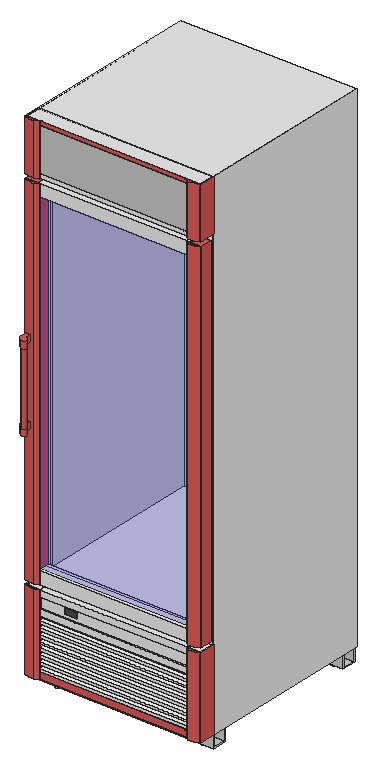
Revit family "QF_Turbo Air_TGF-23SDef430f53-52d3-417d-9a7e-85292884c94a", category Specialty Equipment, Revit 2012
Parameters (values of type "White - Wine")
  Width = 2' - 3"  # constant formula
  Weight in Pounds = 365  # constant formula
  Watermarked By = "http://revitwatermark.com"
  Volts = 115 V
  URL Cutsheet = ""
  URL = "www.turboairinc.com"
  Status [instance] = ""
  Specification by User [instance] = ""
  Specification by Manufacturer [instance] = ""
  Sign Material [instance] = QF_Finishes_Turbo Air Image
  Serial Number [instance] = ""
  Revision Code [instance] = ""
  Phase = 1
  Number of Poles [instance] = 1
  NAFEM Spec ID Number [instance] = ""
  Model = "TGF-23SDV"
  Masterspec [instance] = ""
  Manufacturer = "Turbo Air"  # constant formula
  Lower Door Frame Material = QF_Finishes_White
  Lower Cowl Frame Material = QF_Finishes_Anodized - Red
  Legs [instance] = not(Casters)  # yes
  Item Number [instance] = "-"
  Installed By [instance] = ""
  HP = "2/3"
  Furnished By [instance] = ""
  Foodservice Equipment Identifier = yes
  FL Amps = 8.2 A
  Electrical Remarks [instance] = ""
  Electric Connection Type [instance] = ""
  Elec Conn RI Height [instance] = 0' - 0"
  Elec Conn Connection Height [instance] = if(Casters, 0' 11", 0' 6")  # 0' - 6"
  Door Material = QF_Finishes_Anodized - Red
  Description = "Freezer Merchandiser"
  Depth = 2' - 5 7/8"  # constant formula
  Cycle = 60 Hz
  Conn Plug = "NEMA 5-15P"
  CasterLeg Height [instance] = if(Casters, 0' 5", 0' 0 1/2")  # 0' - 0 1/2"
  CSI MasterFormat = "11 41 13"
  Body Material = QF_Finishes_White
  Assembly Code = "E1090320"
  Apparent Power = if(Phase = 3, Volts * FL Amps * 1.73, Volts * FL Amps)  # 943 VA
  Casters [instance] = no
Types (4): name | Model | Lower Door Frame Material | Lower Cowl Frame Material | Door Material | Body Material
  (no name) | "TGF-23SDV" | QF_Finishes_White | QF_Finishes_Anodized - Red | QF_Finishes_Anodized - Red | QF_Finishes_White
  Black | "TGF-23SDB" | QF_Finishes_Black | QF_Finishes_Black | QF_Finishes_Black | QF_Finishes_Black
  White | "TGF-23SDW" | QF_Finishes_White | QF_Finishes_White | QF_Finishes_White | QF_Finishes_White
  White - Wine | "TGF-23SDV" | QF_Finishes_White | QF_Finishes_Anodized - Red | QF_Finishes_Anodized - Red | QF_Finishes_White
Reference planes (in)
  plane 1: z = 0
  plane 2 "LEFT": x = -20.72594
  plane 3 "RIGHT": x = 6.27406
  plane 4 "FRONT": y = -29.375
  plane 5 "BACK": y = 2.75
  plane 6 "Front of Door": y = -27.125
  plane 7 "Top of Door": z = 70.8125
  plane 8 "Top of Lower Cowl": z = 14.875
  plane 9 "Front of Box": y = -24.75
  plane 10 "Bottom of Door": z = 15.5625
  plane 11 "Bottom of Lower Cowl": z = 2.5
  plane 12 "Left of Vents": x = -18.53844
  plane 13 "Right of Vents": x = 4.08656
  plane 14 "Bottom": z = 0.5
  plane 15 "TOP": z = 79.4375
  plane 16 "Bottom of Top Display": z = 71.5625
Forms (in)
  Extrusion 1, solid, material "QF_Finishes_White" <- "Body Material"
    sketch origin (0, 2.75, 0) x (1, 0, 0) y (0, 0, 1)
      loop
        line (-20.72594, 2.5) -> (6.27406, 2.5) -> (6.27406, 79.4375) -> (-20.72594, 79.4375) -> (-20.72594, 2.5)
      loop
        line (-20.60094, 79.3125) -> (-20.60094, 2.625) -> (6.14906, 2.625) -> (6.14906, 79.3125) -> (-20.60094, 79.3125)
    from 0 to 27.5
  Extrusion 2, solid, material "QF_Finishes_White" <- "Body Material"
    sketch origin (0, 2.75, 0) x (1, 0, 0) y (0, 0, 1)
      loop
        line (-20.60094, 79.3125) -> (-20.60094, 2.625) -> (6.14906, 2.625) -> (6.14906, 79.3125) -> (-20.60094, 79.3125)
    from 0 to 0.125
  Extrusion 3, solid, material "QF_Finishes_White" <- "Body Material"
    sketch origin (0, -24.75, 0) x (1, 0, 0) y (0, 0, 1)
      loop
        line (-18.72594, 68.8125) -> (-18.72594, 16.875) -> (4.27406, 16.875) -> (4.27406, 68.8125) -> (-18.72594, 68.8125)
      loop
        line (-20.60094, 79.3125) -> (-20.60094, 2.625) -> (6.14906, 2.625) -> (6.14906, 79.3125) -> (-20.60094, 79.3125)
      loop
        line (4.08656, 14.875) -> (-18.53844, 14.875) -> (-18.53844, 3.5) -> (4.08656, 3.5) -> (4.08656, 14.875)
    from 0 to -0.125
  Extrusion 4, solid, material "QF_Finishes_White"
    sketch origin (-20.72594, 0, 0) x (0, 1, 0) y (0, 0, 1)
      loop
        line (-24.625, 15) -> (2.625, 15) -> (2.625, 79.3125) -> (-24.625, 79.3125) -> (-24.625, 68.8125) -> (-22.75, 68.8125) -> (-22.75, 77.4375) -> (0.75, 77.4375) -> (0.75, 16.875) -> (-24.625, 16.875) -> (-24.625, 15)
    from 0.125 to 26.875
  Extrusion 5, solid, material "QF_Finishes_White"
    sketch origin (-20.72594, 0, 0) x (0, 1, 0) y (0, 0, 1)
      loop
        line (-24.625, 16.875) -> (0.75, 16.875) -> (0.75, 77.4375) -> (-22.75, 77.4375) -> (-22.75, 68.8125) -> (-24.625, 68.8125) -> (-24.625, 16.875)
    from 0.125 to 2
  Extrusion 6, solid, material "QF_Finishes_White"
    sketch origin (6.27406, 0, 0) x (0, 1, 0) y (0, 0, 1)
      loop
        line (-24.625, 16.875) -> (0.75, 16.875) -> (0.75, 77.4375) -> (-22.75, 77.4375) -> (-22.75, 68.8125) -> (-24.625, 68.8125) -> (-24.625, 16.875)
    from -0.125 to -2
  Extrusion 7, solid, material "QF_Finishes_Black"
    sketch origin (0, -24.75, 0) x (1, 0, 0) y (0, 0, 1)
      loop
        line (-19.41344, 69.5) -> (-19.41344, 16.1875) -> (4.96156, 16.1875) -> (4.96156, 69.5) -> (-19.41344, 69.5)
      loop
        line (-19.53844, 69.625) -> (-19.53844, 16.0625) -> (5.08656, 16.0625) -> (5.08656, 69.625) -> (-19.53844, 69.625)
    from 0 to 0.4375
  Extrusion 8, solid, material "QF_Finishes_White" <- "Body Material"
    sketch origin (0, 2.75, 0) x (1, 0, 0) y (0, 0, 1)
      loop
        circle (-7.22594, 6) r 0.25
    from 0 to -0.0625
  Extrusion 9, solid, material "QF_Finishes_Anodized - Red" <- "Door Material"
    sketch origin (0, 0, 2.5) x (0, 1, 0) y (-1, 0, 0)
      loop
        line (-24.75, 20.72594) -> (-27.25, 20.72594)
        arc (-27.25, 20.72594) -> (-27.46771, 19.92526) -> (-27.5625, 19.10094) r 5.5
        line (-27.5625, 19.10094) -> (-27.1875, 18.53844) -> (-27.125, 18.53844) -> (-27.125, 20.60094) -> (-24.75, 20.60094) -> (-24.75, 20.72594)
    from 0 to 12.375
  Extrusion 10, solid, material "QF_Finishes_Anodized - Red" <- "Door Material"
    sketch origin (25.75, 0, 2.5) x (0, 1, 0) y (-1, 0, 0)
      loop
        line (-24.75, 19.47594) -> (-24.75, 19.60094) -> (-27.125, 19.60094) -> (-27.125, 21.66344) -> (-27.1875, 21.66344) -> (-27.5625, 21.10094)
        arc (-27.5625, 21.10094) -> (-27.46771, 20.27662) -> (-27.25, 19.47594) r 5.5
        line (-27.25, 19.47594) -> (-24.75, 19.47594)
    from 0 to 12.375
  Extrusion 11, solid, material "QF_Finishes_White" <- "Body Material"
    sketch origin (0, -24.75, 0) x (1, 0, 0) y (0, 0, 1)
      loop
        line (-18.53844, 14.875) -> (-18.53844, 13.875) -> (4.08656, 13.875) -> (4.08656, 14.875) -> (-18.53844, 14.875)
      loop
        line (-18.53844, 12.1875) -> (-18.53844, 11.1875) -> (4.08656, 11.1875) -> (4.08656, 12.1875) -> (-18.53844, 12.1875)
    from 0 to 2.375
  Extrusion 12, solid, material "QF_Finishes_White" <- "Body Material"
    sketch origin (0, -24.75, 0) x (1, 0, 0) y (0, 0, 1)
      loop
        line (-18.53844, 13.875) -> (-18.53844, 12.1875) -> (4.08656, 12.1875) -> (4.08656, 13.875) -> (-18.53844, 13.875)
      loop
        line (-14.97594, 12.625) -> (-13.03844, 12.625) -> (-13.03844, 13.4375) -> (-14.97594, 13.4375) -> (-14.97594, 12.625)
    from 0 to 2.125
  Extrusion 13, solid, material "QF_Finishes_Black"
    sketch origin (0, -24.75, 0) x (1, 0, 0) y (0, 0, 1)
      loop
        line (-14.97594, 13.4375) -> (-14.97594, 12.625) -> (-13.03844, 12.625) -> (-13.03844, 13.4375) -> (-14.97594, 13.4375)
    from 0 to 2.125
  Extrusion 14, solid, material "QF_Finishes_White" <- "Body Material"
    sketch origin (0, -24.75, 0) x (1, 0, 0) y (0, 0, 1)
      loop
        line (-20.60094, 14.875) -> (-20.60094, 2.5) -> (6.14906, 2.5) -> (6.14906, 14.875) -> (4.08656, 14.875) -> (4.08656, 3.5) -> (-18.53844, 3.5) -> (-18.53844, 14.875) -> (-20.60094, 14.875)
    from 0 to 2.375
  Extrusion 15, solid, material "QF_Finishes_Anodized - Red" <- "Lower Cowl Frame Material"
    sketch origin (0, -27.125, 0) x (1, 0, 0) y (0, 0, 1)
      loop
        line (-18.53844, 3.5) -> (-18.53844, 2.5) -> (4.08656, 2.5) -> (4.08656, 3.5) -> (-18.53844, 3.5)
    from 0 to 0.0625
  Extrusion 16, solid, material "QF_Finishes_White" <- "Body Material"
    sketch origin (-18.53844, 0, 0) x (0, 1, 0) y (0, 0, 1)
      loop
        line (-27.125, 3.5625) -> (-27, 3.5625) -> (-27, 3.88572) -> (-26.47411, 4.41161) -> (-26.5625, 4.5) -> (-27.125, 3.9375) -> (-27.125, 3.5625)
      loop
        line (-27.125, 4.5) -> (-27, 4.625) -> (-27, 4.82322) -> (-26.47411, 5.34911) -> (-26.5625, 5.4375) -> (-27.125, 4.875) -> (-27.125, 4.5)
      loop
        line (-27.125, 5.4375) -> (-27, 5.5625) -> (-27, 5.76072) -> (-26.47411, 6.28661) -> (-26.5625, 6.375) -> (-27.125, 5.8125) -> (-27.125, 5.4375)
      loop
        line (-27.125, 6.375) -> (-27, 6.5) -> (-27, 6.69822) -> (-26.47411, 7.22411) -> (-26.5625, 7.3125) -> (-27.125, 6.75) -> (-27.125, 6.375)
      loop
        line (-27.125, 11.0625) -> (-26.5625, 11.0625) -> (-27.125, 10.5) -> (-27.125, 10.125) -> (-27, 10.25) -> (-27, 10.44822) -> (-26.47411, 10.97411) -> (-26.47411, 11.125) -> (-27.125, 11.125) -> (-27.125, 11.0625)
      loop
        line (-27.125, 7.3125) -> (-27, 7.4375) -> (-27, 7.63572) -> (-26.47411, 8.16161) -> (-26.5625, 8.25) -> (-27.125, 7.6875) -> (-27.125, 7.3125)
      loop
        line (-27.125, 8.25) -> (-27, 8.375) -> (-27, 8.57322) -> (-26.47411, 9.09911) -> (-26.5625, 9.1875) -> (-27.125, 8.625) -> (-27.125, 8.25)
      loop
        line (-27.125, 9.1875) -> (-27, 9.3125) -> (-27, 9.51072) -> (-26.47411, 10.03661) -> (-26.5625, 10.125) -> (-27.125, 9.5625) -> (-27.125, 9.1875)
    from 0 to 22.625
  Extrusion 17, solid, material "QF_Finishes_Stainless Steel"
    sketch origin (-20.72594, 0, 0) x (0, 1, 0) y (0, 0, 1)
      loop
        line (-24.5625, 2.5) -> (-24.5625, 0.5) -> (-22.375, 0.5) -> (-22.375, 2.5) -> (-22.5, 2.5) -> (-22.5, 0.625) -> (-24.4375, 0.625) -> (-24.4375, 2.5) -> (-24.5625, 2.5)
      loop
        line (0.375, 2.5) -> (0.375, 0.5) -> (2.5625, 0.5) -> (2.5625, 2.5) -> (2.4375, 2.5) -> (2.4375, 0.625) -> (0.5, 0.625) -> (0.5, 2.5) -> (0.375, 2.5)
    from 0.125 to 26.875
  Extrusion 18, solid, material "QF_Finishes_Stainless Steel", visible <- "Legs"
    sketch origin (0, 0, 0) x (1, 0, 0) y (0, 1, 0)
      loop
        circle (-18.41344, 1.46875) r 0.5625
      loop
        circle (-18.41344, -23.46875) r 0.5625
    from 0 to 0.5
  Extrusion 19, solid, material "QF_Finishes_Stainless Steel", visible <- "Legs"
    sketch origin (23.4375, 0, 0) x (1, 0, 0) y (0, 1, 0)
      loop
        circle (-19.47594, 1.46875) r 0.5625
      loop
        circle (-19.47594, -23.46875) r 0.5625
    from 0 to 0.5
  Extrusion 20, solid, material "QF_Finishes_Anodized - Red" <- "Door Material"
    sketch origin (0, 0, 71.5625) x (0, 1, 0) y (-1, 0, 0)
      loop
        line (-24.75, 20.72594) -> (-27.25, 20.72594)
        arc (-27.25, 20.72594) -> (-27.46771, 19.92526) -> (-27.5625, 19.10094) r 5.5
        line (-27.5625, 19.10094) -> (-27.1875, 18.53844) -> (-27.125, 18.53844) -> (-27.125, 20.60094) -> (-24.75, 20.60094) -> (-24.75, 20.72594)
    from 0 to 7.875
  Extrusion 21, solid, material "QF_Finishes_Anodized - Red" <- "Door Material"
    sketch origin (0, 0, 71.5625) x (0, 1, 0) y (-1, 0, 0)
      loop
        line (-24.75, -6.27406) -> (-24.75, -6.14906) -> (-27.125, -6.14906) -> (-27.125, -4.08656) -> (-27.1875, -4.08656) -> (-27.5625, -4.64906)
        arc (-27.5625, -4.64906) -> (-27.46771, -5.47338) -> (-27.25, -6.27406) r 5.5
        line (-27.25, -6.27406) -> (-24.75, -6.27406)
    from 0 to 7.875
  Extrusion 22, solid, material "QF_Finishes_White" <- "Body Material"
    sketch origin (0, -24.75, 80) x (1, 0, 0) y (0, 0, 1)
      loop
        line (-20.60094, -0.5625) -> (-20.60094, -8.4375) -> (6.14906, -8.4375) -> (6.14906, -0.5625) -> (-20.60094, -0.5625)
      loop
        line (4.08656, -1.125) -> (-18.53844, -1.125) -> (-18.53844, -7.875) -> (4.08656, -7.875) -> (4.08656, -1.125)
    from 0 to 2.375
  Extrusion 23, solid, material "QF_Finishes_Anodized - Red" <- "Lower Cowl Frame Material"
    sketch origin (0, -27.125, 78) x (1, 0, 0) y (0, 0, 1)
      loop
        line (-18.53844, 1.4375) -> (-18.53844, 0.875) -> (4.08656, 0.875) -> (4.08656, 1.4375) -> (-18.53844, 1.4375)
    from 0 to 0.0625
  Extrusion 24, solid, material "QF_Finishes_Turbo Air Image" <- "Sign Material"
    sketch origin (0, -24.75, 0) x (1, 0, 0) y (0, 0, 1)
      loop
        line (-18.53844, 78.875) -> (-18.53844, 72.125) -> (4.08656, 72.125) -> (4.08656, 78.875) -> (-18.53844, 78.875)
    from 0 to 2.375
Lines and regions (in)
  symbolic lines
    curve 1: line (-20.72594, 2.75, 0) -> (6.27406, 2.75, 0)
    curve 2: line (-20.72594, -24.75, 0) -> (-20.72594, 2.75, 0)
    curve 3: line (6.27406, -24.75, 0) -> (-20.72594, -24.75, 0)
    curve 4: line (6.27406, 2.75, 0) -> (6.27406, -24.75, 0)
    curve 5: line (-19.53844, -24.75, 0) -> (-19.53844, -25.1875, 0)
    curve 6: line (5.08656, -25.1875, 0) -> (5.08656, -24.75, 0)
  symbolic lines, style "QF_Clearances", detail levels coarse
    curve 7: line (6.27406, -54.125, 0) -> (6.27406, -27.125, 0)
    curve 8: arc (-20.72594, -27.125, 0) -> (-12.81782, -46.21688, 0) -> (6.27406, -54.125, 0) r 27
Dimensions and locks (in)
  "Width": plane 3 "RIGHT" to plane 2 "LEFT"
  "Depth": plane 6 "Front of Door" to plane 5 "BACK"
  locked: plane 4 "FRONT" to plane 6 "Front of Door" at 2.25
  locked: plane 6 "Front of Door" to plane 9 "Front of Box" at 2.375
  locked: Extrusion 1 sketch curve to plane 2 "LEFT" at 0.125
  locked: Extrusion 1 sketch curve to plane 3 "RIGHT" at 0.125
  locked: Extrusion 3 sketch curve to plane 2 "LEFT" at 2
  locked: plane 7 "Top of Door" to Extrusion 3 sketch curve at 2
  locked: Extrusion 3 sketch curve to plane 3 "RIGHT" at 2
  locked: Extrusion 3 sketch curve to plane 8 "Top of Lower Cowl" at 2
  locked: plane 9 "Front of Box" to Extrusion 4 sketch curve at 0.125  (x2)
  locked: Extrusion 4 sketch curve to plane 5 "BACK" at 0.125
  locked: plane 8 "Top of Lower Cowl" to Extrusion 4 sketch curve at 0.125
  locked: Extrusion 4 sketch curve to Extrusion 4 sketch curve at 1.875  (x4)
  locked: plane 9 "Front of Box" to Extrusion 5 sketch curve at 0.125
  locked: plane 7 "Top of Door" to Extrusion 5 sketch curve at 2
  locked: Extrusion 5 sketch curve to plane 5 "BACK" at 2
  locked: plane 8 "Top of Lower Cowl" to Extrusion 5 sketch curve at 2
  locked: plane 7 "Top of Door" to Extrusion 6 sketch curve at 2
  locked: plane 8 "Top of Lower Cowl" to Extrusion 6 sketch curve at 2
  locked: Extrusion 6 sketch curve to plane 5 "BACK" at 2
  locked: plane 9 "Front of Box" to Extrusion 6 sketch curve at 0.125
  locked: Extrusion 7 sketch curve to Extrusion 7 sketch curve at 0.125  (x4)
  locked: Extrusion 7 sketch curve to plane 8 "Top of Lower Cowl" at 1.1875
  locked: Extrusion 7 sketch curve to plane 2 "LEFT" at 1.1875
  locked: plane 7 "Top of Door" to Extrusion 7 sketch curve at 1.1875
  locked: Extrusion 7 sketch curve to plane 3 "RIGHT" at 1.1875
  locked: plane 8 "Top of Lower Cowl" to plane 11 "Bottom of Lower Cowl" at 12.375
  locked: Extrusion 1 sketch curve to plane 11 "Bottom of Lower Cowl" at 0.125
  locked: plane 2 "LEFT" to plane 12 "Left of Vents" at 2.1875
  locked: plane 13 "Right of Vents" to plane 3 "RIGHT" at 2.1875
  locked: Extrusion 9 sketch curve to plane 6 "Front of Door" at 0.0625
  locked: Extrusion 9 sketch curve to plane 6 "Front of Door" at 0.125
  locked: Extrusion 9 sketch curve to plane 6 "Front of Door" at 0.4375
  locked: plane 2 "LEFT" to Extrusion 9 sketch curve at 1.625
  locked: Extrusion 10 sketch curve to plane 6 "Front of Door" at 0.125
  locked: Extrusion 10 sketch curve to plane 6 "Front of Door" at 0.0625
  locked: Extrusion 10 sketch curve to plane 6 "Front of Door" at 0.4375
  locked: Extrusion 10 sketch curve to plane 3 "RIGHT" at 1.625
  locked: plane 8 "Top of Lower Cowl" to Extrusion 11 sketch curve at 1
  locked: Extrusion 11 sketch curve to Extrusion 11 sketch curve at 1.6875
  locked: Extrusion 11 sketch curve to Extrusion 11 sketch curve at 1
  locked: plane 8 "Top of Lower Cowl" to Extrusion 12 sketch curve at 1
  locked: Extrusion 12 sketch curve to Extrusion 12 sketch curve at 1.6875
  locked: Extrusion 12 sketch curve to Extrusion 12 sketch curve at 0.4375
  locked: Extrusion 12 sketch curve to Extrusion 12 sketch curve at 0.8125
  locked: Extrusion 12 sketch curve to plane 12 "Left of Vents" at 3.5625
  locked: Extrusion 12 sketch curve to Extrusion 12 sketch curve at 1.9375
  locked: plane 8 "Top of Lower Cowl" to Extrusion 13 sketch curve at 1.4375
  locked: Extrusion 13 sketch curve to Extrusion 13 sketch curve at 0.8125
  locked: Extrusion 13 sketch curve to plane 12 "Left of Vents" at 3.5625
  locked: Extrusion 13 sketch curve to Extrusion 13 sketch curve at 1.9375
  locked: Extrusion 3 sketch curve to plane 11 "Bottom of Lower Cowl" at 0.125
  locked: Extrusion 3 sketch curve to plane 11 "Bottom of Lower Cowl" at 1
  locked: Extrusion 14 sketch curve to plane 11 "Bottom of Lower Cowl" at 1
  locked: Extrusion 15 sketch curve to plane 11 "Bottom of Lower Cowl" at 1
  locked: plane 2 "LEFT" to Extrusion 14 sketch curve at 0.125
  locked: plane 3 "RIGHT" to Extrusion 14 sketch curve at 0.125
  locked: plane 2 "LEFT" to Extrusion 9 sketch curve at 0.125
  locked: Extrusion 10 sketch curve to plane 3 "RIGHT" at 0.125
  locked: plane 11 "Bottom of Lower Cowl" to plane 14 "Bottom" at 2
  "CasterLeg Height": plane 14 "Bottom" to level
  locked: plane 7 "Top of Door" to plane 10 "Bottom of Door" at 55.25
  locked: Extrusion 17 sketch curve to Extrusion 17 sketch curve at 0.125  (x4)
  locked: plane 9 "Front of Box" to Extrusion 17 sketch curve at 0.1875
  locked: plane 14 "Bottom" to Extrusion 17 sketch curve at 0.125  (x2)
  locked: Extrusion 17 sketch curve to plane 5 "BACK" at 0.1875
  locked: Extrusion 17 sketch curve to Extrusion 17 sketch curve at 1.9375  (x2)
  locked: plane 2 "LEFT" to Extrusion 17 at 0.125
  locked: plane 3 "RIGHT" to Extrusion 17 at 0.125
  locked: Extrusion 18 sketch curve to plane 5 "BACK" at 1.28125
  locked: plane 2 "LEFT" to Extrusion 18 sketch curve at 2.3125  (x2)
  locked: plane 9 "Front of Box" to Extrusion 18 sketch curve at 1.28125
  locked: Extrusion 19 sketch curve to plane 5 "BACK" at 1.28125
  locked: Extrusion 19 sketch curve to plane 3 "RIGHT" at 2.3125  (x2)
  locked: plane 9 "Front of Box" to Extrusion 19 sketch curve at 1.28125
  locked: plane 2 "LEFT" to nested 2 at 2.3125
  locked: nested 2 to plane 5 "BACK" at 1.28125
  locked: nested 3 to plane 5 "BACK" at 1.28125
  locked: nested 3 to plane 3 "RIGHT" at 2.3125
  locked: plane 9 "Front of Box" to nested 4 at 1.28125
  locked: plane 2 "LEFT" to nested 4 at 2.3125
  locked: nested 5 to plane 3 "RIGHT" at 2.3125
  locked: plane 9 "Front of Box" to nested 5 at 1.28125
  equal spacing: plane 3 "RIGHT", Extrusion 8 sketch curve, plane 2 "LEFT"
  locked: Extrusion 8 sketch curve to plane 14 "Bottom" at 5.5
  locked: plane 15 "TOP" to plane 16 "Bottom of Top Display" at 7.875
  locked: plane 15 "TOP" to Extrusion 1 sketch curve at 0.125
  locked: Extrusion 4 sketch curve to plane 15 "TOP" at 0.125
  locked: Extrusion 4 sketch curve to plane 7 "Top of Door" at 2
  locked: plane 9 "Front of Box" to Extrusion 6 sketch curve at 2
  locked: Extrusion 6 sketch curve to plane 15 "TOP" at 2
  locked: plane 9 "Front of Box" to Extrusion 5 sketch curve at 2
  locked: plane 15 "TOP" to Extrusion 5 sketch curve at 2
  locked: Extrusion 22 sketch curve to plane 16 "Bottom of Top Display" at 0.5625
  locked: plane 15 "TOP" to Extrusion 22 sketch curve at 0.5625
  locked: plane 2 "LEFT" to Extrusion 22 sketch curve at 0.125
  locked: plane 3 "RIGHT" to Extrusion 22 sketch curve at 0.125
  locked: plane 15 "TOP" to Extrusion 23 sketch curve at 0.5625
  locked: plane 15 "TOP" to Extrusion 24 sketch curve at 0.5625
  locked: Extrusion 24 sketch curve to plane 16 "Bottom of Top Display" at 0.5625
  locked: plane 10 "Bottom of Door" to plane 8 "Top of Lower Cowl" at 0.6875
  locked: plane 16 "Bottom of Top Display" to plane 7 "Top of Door" at 0.75
  aligned and locked: level to plane 1
  aligned and locked: Extrusion 1 sketch curve to plane 3 "RIGHT"
  aligned and locked: plane 2 "LEFT" to Extrusion 1 sketch curve
  aligned and locked: plane 9 "Front of Box" to Extrusion 1
  aligned and locked: Extrusion 2 sketch curve to Extrusion 1  (x2)
  aligned and locked: Extrusion 3 sketch curve to Extrusion 1  (x2)
  aligned and locked: Extrusion 4 to Extrusion 1  (x2)
  aligned and locked: Extrusion 5 to Extrusion 1
  aligned and locked: Extrusion 1 to Extrusion 6
  aligned and locked: plane 2 "LEFT" to nested 1
  aligned and locked: plane 3 "RIGHT" to nested 1
  aligned and locked: plane 5 "BACK" to curve 1
  aligned and locked: plane 2 "LEFT" to curve 2
  aligned and locked: curve 3 to plane 9 "Front of Box"
  aligned and locked: curve 4 to plane 3 "RIGHT"
  aligned and locked: curve 5 to Extrusion 7
  aligned and locked: curve 6 to Extrusion 7
  aligned and locked: nested 1 to plane 10 "Bottom of Door"
  aligned and locked: plane 11 "Bottom of Lower Cowl" to Extrusion 1 sketch curve
  aligned and locked: Extrusion 9 sketch curve to plane 2 "LEFT"
  aligned and locked: plane 6 "Front of Door" to Extrusion 9 sketch curve
  aligned and locked: Extrusion 9 sketch curve to plane 12 "Left of Vents"
  aligned and locked: Extrusion 10 sketch curve to plane 3 "RIGHT"
  aligned and locked: Extrusion 10 sketch curve to plane 6 "Front of Door"
  aligned and locked: Extrusion 10 sketch curve to plane 13 "Right of Vents"
  aligned and locked: plane 8 "Top of Lower Cowl" to Extrusion 9
  aligned and locked: plane 8 "Top of Lower Cowl" to Extrusion 10
  aligned and locked: plane 8 "Top of Lower Cowl" to Extrusion 11 sketch curve
  aligned and locked: Extrusion 11 sketch curve to plane 12 "Left of Vents"
  aligned and locked: plane 12 "Left of Vents" to Extrusion 11 sketch curve
  aligned and locked: Extrusion 11 sketch curve to plane 13 "Right of Vents"
  aligned and locked: plane 13 "Right of Vents" to Extrusion 11 sketch curve
  aligned and locked: plane 6 "Front of Door" to Extrusion 11
  aligned and locked: plane 12 "Left of Vents" to Extrusion 12 sketch curve
  aligned and locked: Extrusion 12 sketch curve to plane 13 "Right of Vents"
  aligned and locked: plane 8 "Top of Lower Cowl" to Extrusion 3 sketch curve
  aligned and locked: Extrusion 3 sketch curve to plane 12 "Left of Vents"
  aligned and locked: Extrusion 3 sketch curve to plane 13 "Right of Vents"
  aligned and locked: plane 8 "Top of Lower Cowl" to Extrusion 14 sketch curve  (x2)
  aligned and locked: Extrusion 14 sketch curve to plane 11 "Bottom of Lower Cowl"
  aligned and locked: Extrusion 14 sketch curve to plane 13 "Right of Vents"
  aligned and locked: plane 6 "Front of Door" to Extrusion 14
  aligned and locked: plane 11 "Bottom of Lower Cowl" to Extrusion 15 sketch curve
  aligned and locked: plane 12 "Left of Vents" to Extrusion 15 sketch curve
  aligned and locked: Extrusion 15 sketch curve to plane 13 "Right of Vents"
  aligned and locked: plane 13 "Right of Vents" to Extrusion 16
  aligned and locked: plane 9 "Front of Box" to Extrusion 9 sketch curve
  aligned and locked: plane 9 "Front of Box" to Extrusion 10 sketch curve
  aligned and locked: Extrusion 17 sketch curve to plane 11 "Bottom of Lower Cowl"  (x4)
  aligned and locked: Extrusion 17 sketch curve to plane 14 "Bottom"  (x2)
  aligned and locked: plane 14 "Bottom" to Extrusion 18
  aligned and locked: plane 14 "Bottom" to Extrusion 19
  aligned and locked: Extrusion 1 sketch curve to plane 15 "TOP"
  aligned and locked: plane 15 "TOP" to Extrusion 22 sketch curve
  aligned and locked: Extrusion 22 sketch curve to plane 16 "Bottom of Top Display"
  aligned and locked: plane 12 "Left of Vents" to Extrusion 22 sketch curve
  aligned and locked: Extrusion 22 sketch curve to plane 13 "Right of Vents"
  aligned and locked: plane 15 "TOP" to Extrusion 20
  aligned and locked: plane 6 "Front of Door" to Extrusion 22
  aligned and locked: plane 12 "Left of Vents" to Extrusion 23 sketch curve
  aligned and locked: Extrusion 23 sketch curve to plane 15 "TOP"
  aligned and locked: Extrusion 23 sketch curve to plane 13 "Right of Vents"
  aligned and locked: plane 12 "Left of Vents" to Extrusion 24 sketch curve
  aligned and locked: Extrusion 24 to plane 9 "Front of Box"
  aligned and locked: plane 13 "Right of Vents" to Extrusion 24
Automatic sketch dimensions
  curve 8 to plane 2 "LEFT" = 0' - 0"
  curve 7 to plane 3 "RIGHT" = 0' - 0"
  plane 6 "Front of Door" to curve 7 = 0' - 0"
  plane 6 "Front of Door" to curve 8 = 0' - 0"
  plane 9 "Front of Box" to curve 5 = 0' - 0 7/16"
  plane 9 "Front of Box" to curve 6 = 0' - 0 7/16"
  plane 11 "Bottom of Lower Cowl" to Extrusion 2 sketch curve = 0' - 0 1/8"
  Extrusion 2 sketch curve to plane 15 "TOP" = 0' - 0 1/8"
  Extrusion 3 sketch curve to plane 15 "TOP" = 0' - 0 1/8"
  Extrusion 9 sketch curve to plane 12 "Left of Vents" = 0' - 0.34816"
  plane 13 "Right of Vents" to Extrusion 10 sketch curve = 0' - 0.34816"
  Extrusion 14 sketch curve to plane 12 "Left of Vents" = 0' - 0"
  Extrusion 20 sketch curve to plane 2 "LEFT" = 0' - 0"
  Extrusion 20 sketch curve to plane 12 "Left of Vents" = 0' - 0"
  plane 6 "Front of Door" to Extrusion 20 sketch curve = 0' - 0"
  plane 9 "Front of Box" to Extrusion 20 sketch curve = 0' - 0"
  Extrusion 20 sketch curve to Extrusion 20 sketch curve = 0' - 0 1/16"
  plane 6 "Front of Door" to Extrusion 20 sketch curve = 0' - 0 1/8"
  plane 6 "Front of Door" to Extrusion 20 sketch curve = 0' - 0 7/16"
  Extrusion 20 sketch curve to plane 12 "Left of Vents" = 0' - 0.34816"
  Extrusion 20 sketch curve to plane 9 "Front of Box" = 0' - 2.68332"
  Extrusion 20 sketch curve to Extrusion 20 sketch curve = 0' - 0 1/8"
  Extrusion 21 sketch curve to plane 3 "RIGHT" = 0' - 0"
  Extrusion 21 sketch curve to plane 13 "Right of Vents" = 0' - 0"
  plane 6 "Front of Door" to Extrusion 21 sketch curve = 0' - 0"
  plane 9 "Front of Box" to Extrusion 21 sketch curve = 0' - 0"
  Extrusion 21 sketch curve to Extrusion 21 sketch curve = 0' - 0 1/16"
  plane 6 "Front of Door" to Extrusion 21 sketch curve = 0' - 0 1/8"
  plane 6 "Front of Door" to Extrusion 21 sketch curve = 0' - 0 7/16"
  plane 13 "Right of Vents" to Extrusion 21 sketch curve = 0' - 0.34816"
  Extrusion 21 sketch curve to plane 9 "Front of Box" = 0' - 2.68332"
  Extrusion 21 sketch curve to plane 3 "RIGHT" = 0' - 0 1/8"
  plane 13 "Right of Vents" to Extrusion 24 sketch curve = 0' - 0"
  Extrusion 16 sketch curve to plane 6 "Front of Door" = 0' - 0"  (x9)
  Extrusion 16 sketch curve to plane 6 "Front of Door" = 0' - 0 1/8"  (x8)
  Extrusion 16 sketch curve to Extrusion 16 sketch curve = 0' - 0 7/16"  (x7)
  Extrusion 16 sketch curve to plane 6 "Front of Door" = 0' - 0 9/16"
  Extrusion 16 sketch curve to Extrusion 16 sketch curve = 0' - 0.08839"  (x8)
  plane 11 "Bottom of Lower Cowl" to Extrusion 16 sketch curve = 0' - 1 1/16"
  Extrusion 16 sketch curve to Extrusion 16 sketch curve = 0' - 0.32322"
  Extrusion 16 sketch curve to Extrusion 16 sketch curve = 0' - 0.05178"  (x8)
  Extrusion 16 sketch curve to Extrusion 16 sketch curve = 0' - 0 9/16"  (x8)
  Extrusion 16 sketch curve to Extrusion 16 sketch curve = 0' - 0 1/8"  (x7)
  Extrusion 16 sketch curve to Extrusion 16 sketch curve = 0' - 0.19822"  (x7)
  Extrusion 16 sketch curve to Extrusion 16 sketch curve = 0' - 0.52589"
  Extrusion 16 sketch curve to Extrusion 16 sketch curve = 0' - 0 1/16"
  radius of Extrusion 8 sketch curve = 0' - 0 1/4"
  radius of Extrusion 18 sketch curve = 0' - 0 9/16"  (x2)
  radius of Extrusion 19 sketch curve = 0' - 0 9/16"  (x2)
Nested families (in)
  nested 1: "QF_Turbo Air_RI_Merch-Door" at (-5.54927, -25.1875, 15.5625), Handle Material <- "Door Material", Door Frame Top Material <- "Body Material", Door Frame Sides Material <- "Door Material", Door Frame Bottom Material <- "Lower Door Frame Material", type "QF_Turbo Air_RI_Merch-Door"
    with Width 2' - 3", Symbolic Lines yes, Height 4' - 7 1/4", Handle Material QF_Finishes_Anodized - Red, Door Frame Top Material QF_Finishes_White, Door Frame Sides Material QF_Finishes_Anodized - Red, Door Frame Bottom Material QF_Finishes_White, Depth 0' - 1 15/16", CL Handle Height 2' - 3 5/8"
  nested 2: "FESCasterLeg" at (-18.41344, 1.46875, 0), Casters <- "Casters", type "FESCasterLeg"
    with Legs no, Height 0' - 5", Casters no, Caster Radius 0' - 2"
  nested 3: "FESCasterLeg" at (3.96156, 1.46875, 0), Casters <- "Casters", type "FESCasterLeg"
    with Legs no, Height 0' - 5", Casters no, Caster Radius 0' - 2"
  nested 4: "FESCasterLeg" at (-18.41344, -23.46875, 0), Casters <- "Casters", type "FESCasterLeg"
    with Legs no, Height 0' - 5", Casters no, Caster Radius 0' - 2"
  nested 5: "FESCasterLeg" at (3.96156, -23.46875, 0), Casters <- "Casters", type "FESCasterLeg"
    with Legs no, Height 0' - 5", Casters no, Caster Radius 0' - 2"
Connectors (in)
  electrical at (-7.22594, 2.8125, 6), driven by "Number of Poles", driven by "Volts", driven by "Apparent Power"
    settings: on Extrusion 8, index 1, voltage 115 V, apparent load 943 VA, apparent load phase1 0 VA, apparent load phase2 0 VA, apparent load phase3 0 VA, power factor 1, load classification "Other", number of poles 1, system type 30, power factor state 1, is connector primary yes, connector utility no, sub classification motor no, connector description "Electric"
Definition of nested family "QF_Turbo Air_RI_Merch-Door"
  Parameters (values of type "QF_Turbo Air_RI_Merch-Door")
    Width [instance] = 2' - 1"
    Watermarked By = "http://revitwatermark.com"
    Symbolic Lines [instance] = yes
    Manufacturer = "Turbo Air"  # constant formula
    Height [instance] = 2' - 6 1/2"
    Handle Material [instance] = QF_Finishes_Stainless Steel
    Door Frame Top Material [instance] = QF_Finishes_Stainless Steel
    Door Frame Sides Material [instance] = QF_Finishes_Stainless Steel
    Door Frame Bottom Material [instance] = QF_Finishes_Stainless Steel
    Depth [instance] = 0' - 1 15/16"
    CL Handle Height [instance] = 1' - 3 3/16"
  Reference planes (in)
    plane 1 "BACK": y = 0
    plane 2: z = 0
    plane 3 "LEFT": x = -15.17667
    plane 4: x = 9.82333
    plane 5 "FRONT": y = -1.9375
    plane 6: z = 30.5
    plane 7 "Top of Handle": z = 21.6875
    plane 8 "Bottom of Handle": z = 8.6875
    plane 9 "Center of Handle": z = 15.1875
    plane 10: x = -13.36417
    plane 11: x = 8.01083
    plane 12: z = 28.6875
    plane 13: z = 1.8125
    plane 14: z = 20.6875
    plane 15: z = 9.6875
  Forms (in)
    Extrusion 1, solid, material "QF_Finishes_Stainless Steel" <- "Door Frame Sides Material"
      sketch origin (0, 0, 0) x (1, 0, 0) y (0, 0, 1)
        loop
          line (-15.17667, 30.5) -> (-15.17667, 0) -> (-13.36417, 0) -> (-13.36417, 30.5) -> (-15.17667, 30.5)
        loop
          line (9.82333, 0) -> (9.82333, 30.5) -> (8.01083, 30.5) -> (8.01083, 0) -> (9.82333, 0)
      from 0 to 1.9375
    Extrusion 2, solid, material "QF_Finishes_Glass"
      sketch origin (0, 0, 0) x (1, 0, 0) y (0, 0, 1)
        loop
          line (-13.36417, 28.6875) -> (-13.36417, 1.8125) -> (8.01083, 1.8125) -> (8.01083, 28.6875) -> (-13.36417, 28.6875)
      from 0.5 to 1.4375
    Extrusion 3, solid, material "QF_Finishes_Stainless Steel" <- "Handle Material"
      sketch origin (0, 0, 8.6875) x (0, 1, 0) y (-1, 0, 0)
        loop
          circle (-3.8125, 13.92667) r 0.375
      from 1 to 12
    Extrusion 4, solid, material "QF_Finishes_Stainless Steel" <- "Handle Material"
      sketch origin (0, 0, 8.6875) x (0, 1, 0) y (-1, 0, 0)
        loop
          line (-1.9375, 14.86417) -> (-3.25, 14.86417)
          arc (-3.25, 14.86417) -> (-3.39351, 14.83562) -> (-3.51517, 14.75433) r 0.375
          line (-3.51517, 14.75433) -> (-4.07767, 14.19183)
          arc (-4.07767, 14.19183) -> (-4.07767, 13.6615) -> (-3.54733, 13.6615) r 0.375
          line (-3.54733, 13.6615) -> (-2.90717, 14.30167) -> (-1.9375, 14.30167) -> (-1.9375, 14.86417)
      from 0 to 1
    Extrusion 5, solid, material "QF_Finishes_Stainless Steel" <- "Handle Material"
      sketch origin (0, 0, 21.6875) x (0, 1, 0) y (-1, 0, 0)
        loop
          line (-1.9375, 14.86417) -> (-3.25, 14.86417)
          arc (-3.25, 14.86417) -> (-3.39351, 14.83562) -> (-3.51517, 14.75433) r 0.375
          line (-3.51517, 14.75433) -> (-4.07767, 14.19183)
          arc (-4.07767, 14.19183) -> (-4.07767, 13.6615) -> (-3.54733, 13.6615) r 0.375
          line (-3.54733, 13.6615) -> (-2.90717, 14.30167) -> (-1.9375, 14.30167) -> (-1.9375, 14.86417)
      from 0 to -1
    Extrusion 6, solid, material "QF_Finishes_Stainless Steel" <- "Door Frame Top Material"
      sketch origin (0, 0, 0) x (1, 0, 0) y (0, 0, 1)
        loop
          line (-13.36417, 30.5) -> (-13.36417, 28.6875) -> (8.01083, 28.6875) -> (8.01083, 30.5) -> (-13.36417, 30.5)
      from 0 to 1.9375
    Extrusion 7, solid, material "QF_Finishes_Stainless Steel" <- "Door Frame Bottom Material"
      sketch origin (0, 0, 0) x (1, 0, 0) y (0, 0, 1)
        loop
          line (-13.36417, 1.8125) -> (-13.36417, 0) -> (8.01083, 0) -> (8.01083, 1.8125) -> (-13.36417, 1.8125)
      from 0 to 1.9375
    Extrusion 8, solid, material "QF_Finishes_Stainless Steel" <- "Door Frame Sides Material"
      sketch origin (0, 0, 0) x (1, 0, 0) y (0, 1, 0)
        loop
          line (-15.17667, -1.9375) -> (-15.17667, -2.0625)
          arc (-15.17667, -2.0625) -> (-14.37599, -2.28021) -> (-13.55167, -2.375) r 5.5
          line (-13.55167, -2.375) -> (-12.98917, -2) -> (-12.98917, -1.9375) -> (-15.17667, -1.9375)
      from 0 to 30.5
    Extrusion 9, solid, material "QF_Finishes_Stainless Steel" <- "Door Frame Sides Material"
      sketch origin (25, 0, 0) x (1, 0, 0) y (0, 1, 0)
        loop
          line (-15.17667, -1.9375) -> (-17.36417, -1.9375) -> (-17.36417, -2) -> (-16.80167, -2.375)
          arc (-16.80167, -2.375) -> (-15.97735, -2.28021) -> (-15.17667, -2.0625) r 5.5
          line (-15.17667, -2.0625) -> (-15.17667, -1.9375)
      from 0 to 30.5
  Lines and regions (in)
    symbolic lines, visible <- "Symbolic Lines"
      curve 1: line (-15.17667, 0, 8.6875) -> (9.82333, 0, 8.6875)
      curve 2: line (-15.17667, -1.9375, 8.6875) -> (-15.17667, 0, 8.6875)
      curve 3: line (9.82333, -1.9375, 8.6875) -> (-15.17667, -1.9375, 8.6875)
      curve 4: line (9.82333, 0, 8.6875) -> (9.82333, -1.9375, 8.6875)
      curve 11: line (-15.17667, -1.9375, 0) -> (-15.17667, -2.0625, 0)
      curve 12: arc (-15.17667, -2.0625, 0) -> (-14.37599, -2.28021, 0) -> (-13.55167, -2.375, 0) r 5.5
      curve 13: line (-13.55167, -2.375, 0) -> (-12.98917, -2, 0)
      curve 14: line (-12.98917, -2, 0) -> (-12.98917, -1.9375, 0)
      curve 15: line (7.63583, -1.9375, 0) -> (7.63583, -2, 0)
      curve 16: line (7.63583, -2, 0) -> (8.19833, -2.375, 0)
      curve 17: arc (8.19833, -2.375, 0) -> (9.02265, -2.28021, 0) -> (9.82333, -2.0625, 0) r 5.5
      curve 18: line (9.82333, -2.0625, 0) -> (9.82333, -1.9375, 0)
    symbolic lines
      curve 5: line (-14.86417, -2.163, 8.6875) -> (-14.86417, -3.25, 8.6875)
      curve 6: arc (-14.86417, -3.25, 8.6875) -> (-14.83562, -3.39351, 8.6875) -> (-14.75433, -3.51517, 8.6875) r 0.375
      curve 7: line (-14.75433, -3.51517, 8.6875) -> (-14.19183, -4.07767, 8.6875)
      curve 8: arc (-14.19183, -4.07767, 8.6875) -> (-13.6615, -4.07767, 8.6875) -> (-13.6615, -3.54733, 8.6875) r 0.375
      curve 9: line (-13.6615, -3.54733, 8.6875) -> (-14.30167, -2.90717, 8.6875)
      curve 10: line (-14.30167, -2.90717, 8.6875) -> (-14.30167, -2.29398, 8.6875)
  Dimensions and locks (in)
    "Width": plane 4 to plane 3 "LEFT"
    "Depth": plane 5 "FRONT" to plane 1 "BACK"
    "Height": plane 6 to plane 2
    locked: plane 7 "Top of Handle" to plane 8 "Bottom of Handle" at 13
    equal spacing: plane 7 "Top of Handle", plane 9 "Center of Handle", plane 8 "Bottom of Handle"
    locked: plane 13 to level at 1.8125
    locked: plane 6 to plane 12 at 1.8125
    locked: plane 3 "LEFT" to plane 10 at 1.8125
    locked: plane 11 to plane 4 at 1.8125
    locked: plane 1 "BACK" to Extrusion 2 at 0.5
    locked: Extrusion 2 to plane 5 "FRONT" at 0.5
    "CL Handle Height": plane 9 "Center of Handle" to level
    locked: plane 7 "Top of Handle" to plane 14 at 1
    locked: plane 15 to plane 8 "Bottom of Handle" at 1
    locked: plane 3 "LEFT" to Extrusion 3 sketch curve at 1.25
    locked: Extrusion 3 sketch curve to plane 5 "FRONT" at 1.875
    locked: Extrusion 4 sketch curve to Extrusion 4 sketch curve at 0.5625
    locked: plane 3 "LEFT" to Extrusion 4 sketch curve at 0.3125
    locked: Extrusion 4 sketch curve to plane 5 "FRONT" at 1.3125
    locked: Extrusion 4 sketch curve to plane 5 "FRONT" at 0.96967
    locked: Extrusion 4 sketch curve to plane 5 "FRONT" at 1.57767
    locked: plane 3 "LEFT" to Extrusion 4 sketch curve at 0.42233
    locked: Extrusion 5 sketch curve to Extrusion 5 sketch curve at 0.5625
    locked: plane 3 "LEFT" to Extrusion 8 sketch curve at 2.1875
    locked: Extrusion 8 sketch curve to plane 5 "FRONT" at 0.125
    locked: Extrusion 8 sketch curve to plane 5 "FRONT" at 0.0625
    locked: plane 3 "LEFT" to Extrusion 8 sketch curve at 1.625
    locked: Extrusion 8 sketch curve to plane 5 "FRONT" at 0.4375
    locked: Extrusion 9 sketch curve to plane 4 at 2.1875
    locked: Extrusion 9 sketch curve to plane 4 at 1.625
    locked: Extrusion 9 sketch curve to plane 5 "FRONT" at 0.0625
    locked: Extrusion 9 sketch curve to plane 5 "FRONT" at 0.4375
    locked: Extrusion 9 sketch curve to plane 5 "FRONT" at 0.125
    aligned and locked: level to plane 2
    aligned and locked: Extrusion 1 sketch curve to plane 6
    aligned and locked: plane 3 "LEFT" to Extrusion 1 sketch curve
    aligned and locked: level to Extrusion 1 sketch curve
    aligned and locked: Extrusion 1 sketch curve to plane 4
    aligned and locked: plane 5 "FRONT" to Extrusion 1
    aligned and locked: plane 10 to Extrusion 1 sketch curve
    aligned and locked: Extrusion 1 sketch curve to plane 11
    aligned and locked: Extrusion 2 sketch curve to plane 12
    aligned and locked: plane 10 to Extrusion 2 sketch curve
    aligned and locked: Extrusion 2 sketch curve to plane 11
    aligned and locked: plane 13 to Extrusion 2 sketch curve
    aligned and locked: plane 3 "LEFT" to curve 2
    aligned and locked: plane 1 "BACK" to curve 1
    aligned and locked: curve 4 to plane 4
    aligned and locked: curve 3 to plane 5 "FRONT"
    aligned and locked: Extrusion 3 to plane 15
    aligned and locked: plane 14 to Extrusion 3
    aligned and locked: Extrusion 4 sketch curve to Extrusion 3
    aligned and locked: plane 5 "FRONT" to Extrusion 4 sketch curve
    aligned and locked: plane 15 to Extrusion 4
    aligned and locked: Extrusion 5 to plane 14
    aligned and locked: Extrusion 5 to curve 5
    aligned and locked: curve 6 to Extrusion 5
    aligned and locked: curve 8 to Extrusion 5
    aligned and locked: curve 10 to Extrusion 5
    aligned and locked: Extrusion 6 sketch curve to plane 6
    aligned and locked: plane 12 to Extrusion 6 sketch curve
    aligned and locked: Extrusion 6 sketch curve to plane 11
    aligned and locked: plane 10 to Extrusion 6 sketch curve
    aligned and locked: plane 5 "FRONT" to Extrusion 6
    aligned and locked: Extrusion 7 sketch curve to plane 13
    aligned and locked: level to Extrusion 7 sketch curve
    aligned and locked: Extrusion 7 sketch curve to plane 11
    aligned and locked: plane 10 to Extrusion 7 sketch curve
    aligned and locked: plane 5 "FRONT" to Extrusion 7
    aligned and locked: plane 5 "FRONT" to Extrusion 8 sketch curve
    aligned and locked: Extrusion 8 sketch curve to plane 3 "LEFT"
    aligned and locked: plane 6 to Extrusion 8
    aligned and locked: Extrusion 9 sketch curve to plane 5 "FRONT"
    aligned and locked: Extrusion 9 sketch curve to plane 4
    aligned and locked: plane 6 to Extrusion 9
    aligned and locked: curve 11 to Extrusion 8
    aligned and locked: curve 12 to Extrusion 8
    aligned and locked: curve 13 to Extrusion 8
    aligned and locked: curve 14 to Extrusion 8
    aligned and locked: curve 15 to Extrusion 9
    aligned and locked: curve 16 to Extrusion 9
    aligned and locked: curve 17 to Extrusion 9
    aligned and locked: curve 18 to Extrusion 9
  Automatic sketch dimensions
    plane 10 to Extrusion 8 sketch curve = 0' - 0.02684"
    Extrusion 1 sketch curve to level = 0' - 0"
    Extrusion 1 sketch curve to plane 6 = 0' - 0"
    Extrusion 4 sketch curve to Extrusion 4 sketch curve = 0' - 0.26517"
    Extrusion 4 sketch curve to plane 10 = 0' - 0.29733"
    plane 5 "FRONT" to Extrusion 5 sketch curve = 0' - 0"
    plane 5 "FRONT" to Extrusion 5 sketch curve = 0' - 0.96967"
    plane 3 "LEFT" to Extrusion 5 sketch curve = 0' - 0 5/16"
    Extrusion 5 sketch curve to Extrusion 5 sketch curve = 0' - 0.34283"
    plane 3 "LEFT" to Extrusion 5 sketch curve = 0' - 0.42233"
    Extrusion 5 sketch curve to Extrusion 5 sketch curve = 0' - 0.26517"  (x4)
    Extrusion 5 sketch curve to plane 10 = 0' - 0.29733"
    Extrusion 5 sketch curve to Extrusion 5 sketch curve = 0' - 0.29733"
    Extrusion 9 sketch curve to plane 11 = 0' - 0.02684"
    plane 5 "FRONT" to curve 11 = 0' - 0"
    plane 5 "FRONT" to curve 14 = 0' - 0"
    plane 5 "FRONT" to curve 15 = 0' - 0"
    plane 5 "FRONT" to curve 18 = 0' - 0"
    curve 7 to plane 10 = 0' - 0.82767"
    curve 8 to plane 10 = 0' - 0.29733"
    plane 3 "LEFT" to curve 7 = 0' - 0.42233"
    curve 6 to curve 10 = 0' - 0.34283"
    plane 5 "FRONT" to curve 10 = 0' - 0.35648"
    plane 5 "FRONT" to curve 5 = 0' - 0.2255"
    radius of Extrusion 3 sketch curve = 0' - 0 3/8"
Definition of nested family "FESCasterLeg"
  Parameters (values of type "FESCasterLeg")
    Watermarked By = "http://revitwatermark.com"
    Type Comments = "⍁⍉⌁⌀⏭⎽⌇⍠⌜⍉⎖⌥⌦⌯⍭⏊⍻⍿⍊⏵⍊⏗⏠⍴⎡⌈⎀⍠⌓⌤⏘⎐⍀⌐⏬⏁⎈⏍⏦⎒⏬⌝⍩⍇⌣〈⎫〉⎁⏊⍥⍖⍥⍝⍦⌖⍀⏌⏭⎝⎼⏷⏞⍻⏯⎽⏷⏞⍻⏯⎽⏷⎺⌻⎝⍎⌧⏷⏟⏿⌿⍜⍦⍤⌁⍬⏶⏎⍊⏚⏉⎞⌡⎀⎪⏈⌟⌿⍾⍼⌟⌿⌢⌞⏜⏝⎽⍷⍷⍯⍧⍷⌯⍽⏸⏨⏾⏎⌣⏺⍹⏼⏅⎏⌽⎫⎪⍙⎓⏗⎗⏅⌴⍏⍏⍿⏑⎺⍘⌭⏲⍥⎛⎾⎾⍞⍌⎪⎲⌙⎥⏏⎟⎟⏼⏘⎏⎝⏧⏍⏁⍏⍧⏯⏾⌟"
    Legs [instance] = yes
    Height [instance] = 0' - 6"
    Caster Radius [instance] = if(Height < 0' 3", 0' 1", (Height / 2) - 0' 0 1/2")  # 0' - 2 1/2"
    Casters [instance] = yes
    Assembly Code = ""
  Reference planes (in)
    plane 1 "Center (Front/Back)": y = 0
    plane 2: z = 0
    plane 3 "Center (Left/Right)": x = 0
    plane 4: z = 6
    plane 5: z = 5.5
  Forms (in)
    Extrusion 1, solid, material "QF_Finishes_Stainless Steel", visible <- "Casters"
      sketch origin (-24.12131, -22.88887, 10.18833) x (0.707107, 0.707107, 0) y (0, 0, 1)
        loop
          line (34.98772, -7.68833) -> (34.98772, -4.93833) -> (34.48772, -4.93833) -> (34.39402, -4.68833) -> (32.39402, -4.68833) -> (32.39402, -5.43833) -> (33.98772, -7.34206) -> (33.98772, -7.68833)
          arc (33.98772, -7.68833) -> (34.48772, -8.18833) -> (34.98772, -7.68833) r 0.5
      from 0 to 1.75
    Extrusion 2, solid, material "QF_Finishes_Rubber Black", visible <- "Casters"
      sketch origin (-24.32327, -23.09083, 13.31461) x (0.707107, 0.707107, 0) y (0, 0, 1)
        loop
          circle (34.77334, -10.81461) r 2.5
      from 0.375 to 1.375
    Extrusion 3, solid, material "QF_Finishes_Stainless Steel", visible <- "Casters"
      sketch origin (-7.24148, -8.48391, 0) x (0.707107, 0.707107, 0) y (0, 0, 1)
        loop
          line (10.61603, 5.5) -> (11.61603, 5.5) -> (11.61603, 6) -> (10.61603, 6) -> (10.61603, 5.5)
      from 0 to -1.75
    Blend 4, solid, material "QF_Finishes_Stainless Steel", visible <- "Legs"
      base sketch origin (0, 0, 0) x (1, 0, 0) y (0, 1, 0)
        loop
          circle (0, 0) r 0.5
      top sketch origin (0, 0, 0) x (1, 0, 0) y (0, 1, 0)
        loop
          circle (0, 0) r 1
      from 0 to 6 <- "Height"
  Lines and regions (in)
    symbolic lines, style "QF_Hidden Details", visible <- "Casters", built-in parameter 1006206 <- "Casters"
      curve 1: line (-1.26158, -0.51911, 0) -> (1.39007, 2.13254, 0)
      curve 2: line (-0.53429, -1.24639, 0) -> (2.11736, 1.40526, 0)
    symbolic lines, style "QF_Hidden Details", built-in parameter 1006206 <- "Casters", visible <- "Casters"
      curve 3: line (-1.26158, -0.51911, 0) -> (1.39007, 2.13254, 0)
      curve 4: line (-0.53429, -1.24639, 0) -> (2.11736, 1.40526, 0)
  Dimensions and locks (in)
    locked: plane 4 to plane 5 at 0.5
    "Height": plane 4 to level
    "Caster Radius": Extrusion 2 sketch curve to level
    "Caster Radius": Extrusion 1 sketch curve to level
    "Caster Radius": radius of Extrusion 2 sketch curve
    aligned and locked: plane 2 to level
    aligned: Blend 4 to Extrusion 3
    aligned and locked: plane 4 to Blend 4
    aligned and locked: Extrusion 3 to plane 5
    aligned and locked: plane 4 to Extrusion 3
    aligned and locked: plane 5 to Extrusion 1
  Automatic sketch dimensions
    plane 1 "Center (Front/Back)" to curve 3 = 0' - 0.51911"
    curve 3 to plane 3 "Center (Left/Right)" = 0' - 1.26158"
    plane 1 "Center (Front/Back)" to curve 1 = 0' - 0.51911"
    curve 1 to curve 3 = 0' - 0"  (x3)
    curve 4 to plane 3 "Center (Left/Right)" = 0' - 0.53429"
    curve 2 to curve 4 = 0' - 0"  (x2)
    plane 3 "Center (Left/Right)" to curve 3 = 0' - 1.39007"
    curve 1 to curve 4 = 0' - 0.72729"
    curve 2 to curve 1 = 0' - 0.72729"
    curve 4 to curve 2 = 0' - 0"  (x2)
    curve 2 to plane 1 "Center (Front/Back)" = 0' - 1.40526"
    curve 2 to curve 3 = 0' - 0.72729"
    plane 5 to Extrusion 1 sketch curve = 0' - 0"
    Extrusion 1 sketch curve to Extrusion 1 sketch curve = 0' - 1.5937"
    Extrusion 1 sketch curve to Extrusion 1 sketch curve = 0' - 2"
    Extrusion 1 sketch curve to Extrusion 1 sketch curve = 0' - 0.0937"
    Extrusion 1 sketch curve to Extrusion 1 sketch curve = 0' - 0 1/2"
    Extrusion 1 sketch curve to Extrusion 1 sketch curve = 0' - 0.34627"
    Extrusion 1 sketch curve to plane 5 = 0' - 0 3/4"
    Extrusion 1 sketch curve to plane 5 = 0' - 0 1/4"
    Extrusion 3 sketch curve to plane 5 = 0' - 0"
    plane 4 to Extrusion 3 sketch curve = 0' - 0"
    Extrusion 3 sketch curve to Extrusion 3 sketch curve = 0' - 1"
    plane 1 "Center (Front/Back)" to Blend 4 sketch curve = 0' - 0"  (x2)
    Blend 4 sketch curve to plane 3 "Center (Left/Right)" = 0' - 0"  (x2)
    radius of Blend 4 sketch curve = 0' - 0 1/2"
    radius of Blend 4 sketch curve = 0' - 1"
